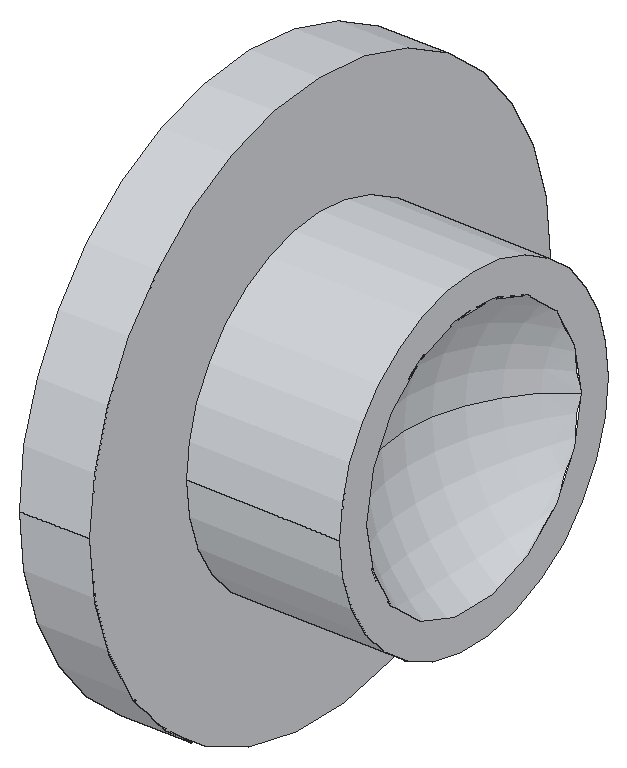
Revit family "2b0dffbb345f4805b1dfa849a47609a5", category Pipe Fittings, Revit 2021
Family settings
  Round Connector Dimension = Use Radius
  Part Type = Cap
  OmniClass Number = 23.60.30.11.14
  OmniClass Title = Pipework Fittings
  Seek Item ID = Cap - PVC - Sch 40-0000-USA-ENU
  Work Plane-Based = No
  Always vertical = Yes
  Cut with Voids When Loaded = No
  Shared = No
Parameters (values of type "Standard")
  Nominal Radius [instance] = 1.5000"
  Nominal Diameter [instance] = Nominal Radius * 2  # 3.0000"
  Loss Method = Not Defined
  Socket Outside Radius [instance] = Socket Outside Diameter / 2  # 2.2400"
  Socket Outside Diameter [instance] = size_lookup(Lookup Table Name, "SOD", 1.08 * Nominal Diameter + 1.12109", Nominal Diameter)  # 4.4800"
  Lookup Table Name = "Cap Dished - MJ - DI - Class 350"
  Length 1 [instance] = (((Socket Outside Radius * Socket Outside Radius) / Gland Width) - Gland Width) / 2  # 2.19894"
  Length [instance] = size_lookup(Lookup Table Name, "Lgt", 0.09 * Nominal Diameter + 2.5700", Nominal Diameter)  # 3.0000"
  Gland Width [instance] = size_lookup(Lookup Table Name, "GWid", 0.03 * Nominal Diameter + 0.9400", Nominal Diameter)  # 0.9400"
  Gland Outside Radius [instance] = Gland Outside Diameter / 2  # 3.8450"
  Gland Outside Diameter [instance] = size_lookup(Lookup Table Name, "GOD", 1.16 * Nominal Diameter + 4.0300", Nominal Diameter)  # 7.6900"
  Default Elevation = 0.0000"
Reference planes (in)
  plane 1 "Center (Front/Back)": y = 0
  plane 2: z = 0
  plane 3 "Center (Left/Right)": x = 0
  plane 4: x = 3
  plane 5: y = 2.24
  plane 6: y = -2.24
  plane 7: x = 0.94
  plane 8: x = 2.06
  plane 9 "void cl": x = 4.25894
Forms (in)
  Extrusion 1, solid, detail levels fine
    sketch origin (0, 0, 0) x (0, 1, 0) y (0, 0, 1)
      loop
        circle (0, 0) r 3.845
    from 0 to 0.94
  Extrusion 2, solid, detail levels fine
    sketch origin (0, 0, 0) x (0, 1, 0) y (0, 0, 1)
      loop
        circle (0, 0) r 2.24
    from 0.94 to 3
  Revolve 3, void
    sketch origin (0, 0, 0) x (1, 0, 0) y (0, 1, 0)
      loop
        arc (4.25894, 2.19894) -> (2.06, 0) -> (4.25894, -2.19894) r 2.19894
        line (4.25894, -2.19894) -> (4.25894, 2.19894)
      axis (4.25894, 2.19894) -> (4.25894, -2.19894)
    angle from 0 to 360
Cuts and joins
  Revolve 3 cuts Extrusion 2
  joined: Extrusion 1, Extrusion 2
Lines and regions (in)
  model lines, detail levels coarse+medium
    curve 1: line (0, 2.24, 0) -> (3, 2.24, 0)
    curve 2: line (3, 2.24, 0) -> (3, -2.24, 0)
    curve 3: line (3, -2.24, 0) -> (0, -2.24, 0)
Dimensions and locks (in)
  "Socket Outside Radius": plane 1 "Center (Front/Back)" to plane 5
  "Socket Outside Radius": plane 6 to plane 1 "Center (Front/Back)"
  "Gland Width": plane 3 "Center (Left/Right)" to plane 7
  "Gland Width": plane 8 to plane 4
  "Length 1": plane 8 to plane 9 "void cl"
  "Length": plane 3 "Center (Left/Right)" to plane 4
  "Gland Outside Radius": radius of Extrusion 1 sketch curve
  "Socket Outside Radius": radius of Extrusion 2 sketch curve
  "Length 1": radius of Revolve 3 sketch curve
  aligned and locked: curve 2 to plane 4
  aligned and locked: plane 3 "Center (Left/Right)" to curve 1
  aligned and locked: plane 3 "Center (Left/Right)" to curve 3
  aligned and locked: curve 1 to plane 5
  aligned and locked: curve 3 to plane 6
  aligned and locked: plane 1 "Center (Front/Back)" to Extrusion 1 sketch curve
  aligned and locked: plane 2 to Extrusion 1 sketch curve
  aligned and locked: Extrusion 1 to plane 3 "Center (Left/Right)"
  aligned and locked: plane 7 to Extrusion 1
  aligned and locked: Extrusion 2 to plane 7
  aligned and locked: plane 4 to Extrusion 2
  aligned and locked: plane 2 to Extrusion 2 sketch curve
  aligned and locked: plane 1 "Center (Front/Back)" to Extrusion 2 sketch curve
  aligned and locked: Revolve 3 sketch curve to plane 9 "void cl"
  aligned and locked: plane 1 "Center (Front/Back)" to Revolve 3 sketch curve
  aligned and locked: Revolve 3 sketch curve to Revolve 3 sketch curve
Automatic sketch dimensions
  plane 6 to Revolve 3 sketch curve = 1.4500"
  Revolve 3 sketch curve to Revolve 3 sketch curve = 0.4750"
Connectors (in)
  piping at (0, 0, 0), diameter 3, driven by "Nominal Radius"
    settings: on Extrusion 1, index 1, connector inside diameter 3.0000", connector length 0.0000", flow factor 0, pipe flow 0 GPM, pressure drop 0.00 psi, fitting loss kfactor 0, connector angle 0.00°, fixture units 0, engagement length 0.0000", angle of deflection 0.00°, flow configuration 0, flow direction 0, fitting loss method 0, system type 28, joint type 0, gender type 0, connector reference index -1, connector utility 0, adjustable connector no, is connector primary yes, connector description ""
